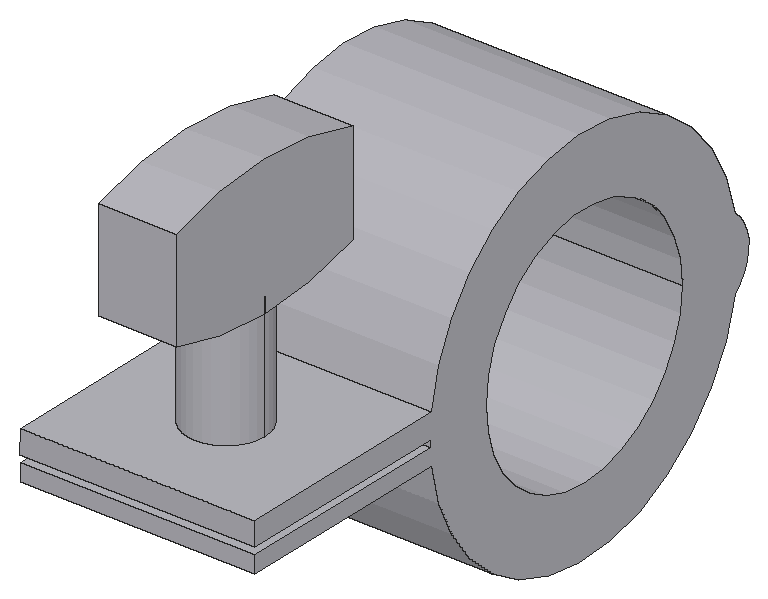
Revit family "13MHHMD", category Pipe Accessories, Revit 2018
Family settings
  Round Connector Dimension = Use Diameter
  Part Type = Inline Sensor
  Work Plane-Based = No
  Always vertical = Yes
  Cut with Voids When Loaded = No
  Shared = No
Parameters (values of type "13MHHMD Heavy Duty Clamp")
  scew radius [instance] = 0.125"  # constant formula
  pipe radius [instance] = Nominal Diameter / 2  # 0.250"
  insert [instance] = size_lookup(LookupTable, "insert", 1.000", Nominal Diameter)  # 0.34375"
  gasket [instance] = 0.063"
  Weight [instance] = size_lookup(LookupTable, "Weight", "NA", Nominal Diameter)  # "0.374 lbs."
  URL = "http://www.fnw.com"
  Standards Lookup Table = "Standards"  # constant formula
  Product ID [instance] = size_lookup(LookupTable, "ProductID", "NA", Nominal Diameter)  # "4829793"
  Part Number [instance] = size_lookup(LookupTable, "PartNumber", "NA", Nominal Diameter)  # "G13MHHMDP4D"
  Nominal Diameter [instance] = 1/2"
  LookupTable = "13MHHMD Heavy Duty Clamp"  # constant formula
  H2 [instance] = H / 2  # 0.17507"
  H [instance] = (G - B) / 2  # 0.35014"
  G [instance] = size_lookup(LookupTable, "G", 1.000", Nominal Diameter)  # 1.3125"
  F [instance] = size_lookup(LookupTable, "F", 1.000", Nominal Diameter)  # 0.750"
  E = 0.140"  # constant formula
  Description BOM [instance] = size_lookup(LookupTable, "Description_BOM", "NA", Nominal Diameter)  # "1/2 304 SAN HD DBL PIN CLMP"
  B [instance] = size_lookup(LookupTable, "B", 1.000", Nominal Diameter)  # 0.61222"
  Angle 30 [instance] = 30.00°  # constant formula
  ABX2 [instance] = AB * 2  # 0.21872"
  AB3 [instance] = B / 2  # 0.30611"
  AB2 [instance] = B / 4  # 0.15306"
  AB [instance] = (B - A) / 2  # 0.10936"
  A [instance] = size_lookup(LookupTable, "A", 1.000", Nominal Diameter) / 2  # 0.3935"
Reference planes (in)
  plane 1 "Center (Front/Back)": y = 0
  plane 2: z = 0
  plane 3 "Center (Left/Right)": x = 0
  plane 4: x = -0.375
  plane 5: x = 0.375
  plane 6: y = -1.3125
  plane 7: y = -0.61222
  plane 8: y = -0.50286
  plane 9: y = 0.61222
  plane 10: y = 0.72158
  plane 11: y = 0.50286
  plane 12: z = 0.15305
  plane 13: z = -0.15306
  plane 14: y = -0.96236
  plane 15: z = 0.30611
  plane 16: z = 0.65625
  plane 17: z = 0.48118
  plane 18: x = -0.125
  plane 19: x = 0.125
  plane 20: x = 0.0315
  plane 21: x = -0.0315
Forms (in)
  Extrusion 1, solid, material "Steel, Stainless"
    sketch origin (0, 0, 0) x (0, 1, 0) y (0, 0, 1)
      loop
        circle (0, 0) r 0.3935
      loop
        circle (0, 0) r 0.61222
    from -0.375 to 0.375
  Extrusion 2, solid, material "Steel, Stainless"
    sketch origin (0, 0, 0) x (0, 1, 0) y (0, 0, 1)
      loop
        line (-0.50286, 0.07653) -> (-1.3125, 0.07653) -> (-1.3125, 0) -> (-0.50286, 0) -> (-0.50286, 0.07653)
    from -0.375 to 0.375
  Extrusion 3, solid, material "Steel, Stainless"
    sketch origin (0, 0, 0) x (0, 1, 0) y (0, 0, 1)
      loop
        line (-0.50286, -0.07653) -> (-0.50286, -0.02186) -> (-1.3125, -0.02186) -> (-1.3125, -0.07653) -> (-0.50286, -0.07653)
    from -0.375 to 0.375
  Extrusion 4, solid, material "Steel, Stainless"
    sketch origin (0, 0, 0) x (0, 1, 0) y (0, 0, 1)
      loop
        line (0.50286, 0.15305) -> (0.50286, -0.15306)
        arc (0.50286, -0.15306) -> (0.65591, 0) -> (0.50286, 0.15305) r 0.15305
    from -0.375 to 0.375
  Extrusion 5, solid, material "Steel, Stainless"
    sketch origin (0, 0, 0) x (1, 0, 0) y (0, 1, 0)
      loop
        circle (0, -0.96236) r 0.125
    from -0.07653 to 0.48118
  Extrusion 6, solid, material "Steel, Stainless"
    sketch origin (0, 0, 0) x (0, 1, 0) y (0, 0, 1)
      loop
        arc (-1.3125, 0.48536) -> (-0.96236, 0.42481) -> (-0.61222, 0.48536) r 1.04259
        line (-0.61222, 0.48536) -> (-0.61222, 0.81071)
        arc (-0.61222, 0.81071) -> (-0.96282, 0.86859) -> (-1.3125, 0.8054) r 1.043
        line (-1.3125, 0.8054) -> (-1.3125, 0.48536)
    from -0.125 to 0.125
  Extrusion 7, solid, material "Steel, Stainless", not visible
    sketch origin (0, 0, 0) x (0, 1, 0) y (0, 0, 1)
      loop
        circle (0, 0) r 0.5
    from -0.0315 to 0.0315
Cuts and joins
  joined: Extrusion 1, Extrusion 2, Extrusion 3, Extrusion 4
Dimensions and locks (in)
  equal spacing: plane 5, plane 3 "Center (Left/Right)", plane 4
  "F": plane 5 to plane 4
  "G": plane 6 to plane 1 "Center (Front/Back)"
  "B": plane 7 to plane 1 "Center (Front/Back)"
  "AB": plane 7 to plane 8
  plane 2 to Extrusion 3 = 0.02186"
  "B": plane 1 "Center (Front/Back)" to plane 9
  "AB": plane 9 to plane 10
  "AB": plane 11 to plane 9
  "AB2": plane 12 to plane 2
  "AB2": plane 2 to plane 13
  "H": plane 6 to plane 14
  "AB3": plane 2 to plane 15
  "H": plane 15 to plane 16
  "H": plane 14 to Extrusion 6 sketch curve
  "H": Extrusion 6 sketch curve to plane 14
  "H2": plane 15 to plane 17
  "scew radius": plane 18 to plane 3 "Center (Left/Right)"
  "scew radius": plane 3 "Center (Left/Right)" to plane 19
  equal spacing: cut or joined group of Extrusion 1, Extrusion 2, Extrusion 3, Extrusion 4, plane 2, cut or joined group of Extrusion 1, Extrusion 2, Extrusion 3, Extrusion 4
  "AB2": cut or joined group of Extrusion 1, Extrusion 2, Extrusion 3, Extrusion 4 to cut or joined group of Extrusion 1, Extrusion 2, Extrusion 3, Extrusion 4
  equal spacing: plane 21, plane 3 "Center (Left/Right)", plane 20
  "gasket": plane 21 to plane 20
  "A": radius of Extrusion 1 sketch curve
  "B": radius of Extrusion 1 sketch curve
  "scew radius": radius of Extrusion 5 sketch curve
  diameter of cut or joined group of Extrusion 1, Extrusion 2, Extrusion 3, Extrusion 4 = 0.787"
  aligned and locked: plane 2 to level
  aligned and locked: Extrusion 1 to plane 5
  aligned and locked: Extrusion 1 to plane 4
  aligned and locked: Extrusion 2 to plane 6
  aligned and locked: plane 8 to Extrusion 2
  aligned and locked: Extrusion 2 to plane 4
  aligned and locked: Extrusion 2 to plane 5
  aligned and locked: Extrusion 3 to plane 6
  aligned and locked: plane 8 to Extrusion 3
  aligned and locked: Extrusion 3 to plane 5
  aligned and locked: Extrusion 3 to plane 4
  aligned and locked: Extrusion 4 to plane 4
  aligned and locked: Extrusion 4 to plane 5
  aligned and locked: cut or joined group of Extrusion 1, Extrusion 2, Extrusion 3, Extrusion 4 to Extrusion 5
  aligned and locked: Extrusion 5 to plane 17
  aligned and locked: plane 19 to Extrusion 6
  aligned and locked: Extrusion 6 to plane 18
  aligned and locked: Extrusion 7 to plane 21
  aligned and locked: plane 20 to Extrusion 7
  aligned and locked: plane 11 to Extrusion 4 sketch curve
  aligned and locked: plane 12 to Extrusion 4 sketch curve
  aligned and locked: plane 13 to Extrusion 4 sketch curve
Automatic sketch dimensions
  Extrusion 2 sketch curve to plane 6 = 0.000"
  Extrusion 2 sketch curve to level = 0.000"
  Extrusion 2 sketch curve to plane 8 = 0.000"
  Extrusion 2 sketch curve to Extrusion 2 sketch curve = 0.07653"
  Extrusion 3 sketch curve to plane 6 = 0.000"
  Extrusion 3 sketch curve to plane 8 = 0.000"
  level to Extrusion 3 sketch curve = 0.02186"
  Extrusion 3 sketch curve to Extrusion 3 sketch curve = 0.05467"
  Extrusion 7 sketch curve to level = 0.000"
  Extrusion 7 sketch curve to plane 1 "Center (Front/Back)" = 0.000"
  Extrusion 1 sketch curve to Extrusion 1 sketch curve = 0.000"  (x2)
  Extrusion 1 sketch curve to level = 0.000"
  Extrusion 1 sketch curve to plane 1 "Center (Front/Back)" = 0.000"
  Extrusion 5 sketch curve to plane 3 "Center (Left/Right)" = 0.000"
  Extrusion 5 sketch curve to plane 14 = 0.000"
  Extrusion 6 sketch curve to plane 14 = 0.000"
  plane 14 to Extrusion 6 sketch curve = 0.00745"
  Extrusion 6 sketch curve to plane 13 = 0.02133"
  Extrusion 6 sketch curve to plane 17 = 0.00418"
  Extrusion 6 sketch curve to plane 16 = 0.14915"
  Extrusion 6 sketch curve to Extrusion 6 sketch curve = 0.65669"
  radius of Extrusion 7 sketch curve = 0.500"
Connectors (in)
  piping at (-0.0315, 0, 0), diameter 0.5, driven by "Nominal Diameter"
    settings: on Extrusion 7, index 1, connector inside diameter 24", connector length 0.000", flow factor 0, pipe flow 0 GPM, pressure drop 0.00 psi, fitting loss kfactor 0, connector angle 0.00°, fixture units 0, engagement length 0.000", angle of deflection 0.00°, flow configuration 0, flow direction 0, fitting loss method 0, system type 16, joint type 0, gender type 0, connector reference index -1, connector utility 0, adjustable connector no, is connector primary yes, connector description ""
  piping at (0.0315, 0, 0), diameter 0.5, driven by "Nominal Diameter"
    settings: on Extrusion 7, index 2, connector inside diameter 24", connector length 0.000", flow factor 0, pipe flow 0 GPM, pressure drop 0.00 psi, fitting loss kfactor 0, connector angle 0.00°, fixture units 0, engagement length 0.000", angle of deflection 0.00°, flow configuration 0, flow direction 0, fitting loss method 0, system type 16, joint type 0, gender type 0, connector reference index -1, connector utility 0, adjustable connector no, is connector primary no, connector description ""
